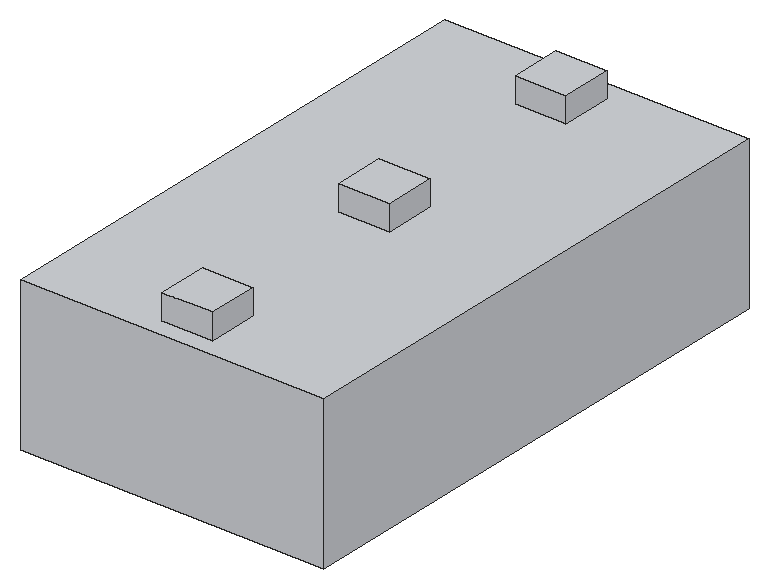
Revit family "3bd33840de9949da80174f5e69066cb2", category Air Terminals, Revit 2021
Family settings
  Round Connector Dimension = Use Diameter
  Part Type = Normal
  OmniClass Number = 23.40.40.14.21.11
  OmniClass Title = Food Service Hoods
  Seek Item ID = Grease Hood - Short Circuit - Island-0000-USA-ENU
  Work Plane-Based = No
  Always vertical = Yes
  Cut with Voids When Loaded = No
  Shared = No
  Room Calculation Point = No
Parameters (values of type "Standard")
  Width 2 [instance] = Supply Air Duct Width 2 / 2 + 0' 3"  # 0' - 7"
  Width 1 [instance] = Supply Air Duct Width 1 / 2 + 0' 3"  # 0' - 7"
  Supply Pressure Drop [instance] = 0.20 in-wg
  Supply Air Flow 2 [instance] = 1200 CFM
  Supply Air Flow 1 [instance] = 1200 CFM
  Supply Air Duct Width 2 [instance] = 8"
  Supply Air Duct Width 1 [instance] = 8"
  Supply Air Duct Height 2 [instance] = 8"
  Supply Air Duct Height 1 [instance] = 8"
  Exhaust Pressure Drop [instance] = 0.55 in-wg
  Hood Width [instance] = 7' - 0"
  Hood Material = none
  Hood Length [instance] = 4' - 0"
  Exhaust Duct Width [instance] = 8"
  Exhaust Duct Height [instance] = 8"
  Exhaust Air Flow [instance] = 2400 CFM
  Default Elevation = 0' - 0"
Reference planes (in)
  plane 1 "Center (Front/Back)": y = 0
  plane 2: z = 0
  plane 3 "Center (Left/Right)": x = 0
  plane 4: x = -24
  plane 5: x = 24
  plane 6: y = 42
  plane 7: y = -42
  plane 8: y = 35
  plane 9: y = -35
  plane 10: x = -4
  plane 11: x = 4
  plane 12: x = -4
  plane 13: x = -4
  plane 14: x = 4
  plane 15: x = 4
  plane 16: y = 39
  plane 17: y = 31
  plane 18: y = 4
  plane 19: y = -31
  plane 20: y = -4
  plane 21: y = -39
  plane 22: z = 24
  plane 23: z = 28
Forms (in)
  Extrusion 1, solid, material <- "Hood Material"
    sketch origin (0, 0, 0) x (1, 0, 0) y (0, 1, 0)
      loop
        line (-24, 42) -> (-24, -42) -> (24, -42) -> (24, 42) -> (-24, 42)
    from 0 to 24
  Extrusion 2, solid, material <- "Hood Material"
    sketch origin (0, 0, 0) x (1, 0, 0) y (0, 1, 0)
      loop
        line (-4, 39) -> (-4, 31) -> (4, 31) -> (4, 39) -> (-4, 39)
      loop
        line (-4, 4) -> (-4, -4) -> (4, -4) -> (4, 4) -> (-4, 4)
      loop
        line (-4, -31) -> (-4, -39) -> (4, -39) -> (4, -31) -> (-4, -31)
    from 24 to 28
Dimensions and locks (in)
  equal spacing: plane 4, plane 3 "Center (Left/Right)", plane 5
  "Hood Length": plane 4 to plane 5
  equal spacing: plane 7, plane 1 "Center (Front/Back)", plane 6
  "Hood Width": plane 7 to plane 6
  "Width 1": plane 6 to plane 8
  "Width 2": plane 7 to plane 9
  equal spacing: plane 10, plane 3 "Center (Left/Right)", plane 11
  "Supply Air Duct Width 1": plane 10 to plane 11
  equal spacing: plane 12, plane 3 "Center (Left/Right)", plane 14
  "Exhaust Duct Width": plane 12 to plane 14
  equal spacing: plane 13, plane 3 "Center (Left/Right)", plane 15
  "Supply Air Duct Width 2": plane 13 to plane 15
  equal spacing: plane 17, plane 8, plane 16
  "Supply Air Duct Height 1": plane 17 to plane 16
  equal spacing: plane 20, plane 1 "Center (Front/Back)", plane 18
  "Exhaust Duct Height": plane 20 to plane 18
  equal spacing: plane 21, plane 9, plane 19
  "Supply Air Duct Height 2": plane 21 to plane 19
  locked: plane 22 to plane 2 at 24
  locked: plane 23 to plane 22 at 4
  aligned and locked: plane 4 to Extrusion 1 sketch curve
  aligned and locked: Extrusion 1 sketch curve to plane 6
  aligned and locked: plane 7 to Extrusion 1 sketch curve
  aligned and locked: plane 5 to Extrusion 1 sketch curve
  aligned and locked: Extrusion 1 to plane 2
  aligned and locked: plane 22 to Extrusion 1
  aligned and locked: plane 10 to Extrusion 2 sketch curve
  aligned and locked: Extrusion 2 sketch curve to plane 16
  aligned and locked: plane 17 to Extrusion 2 sketch curve
  aligned and locked: plane 11 to Extrusion 2 sketch curve
  aligned and locked: plane 12 to Extrusion 2 sketch curve
  aligned and locked: Extrusion 2 sketch curve to plane 18
  aligned and locked: plane 20 to Extrusion 2 sketch curve
  aligned and locked: plane 14 to Extrusion 2 sketch curve
  aligned and locked: plane 13 to Extrusion 2 sketch curve
  aligned and locked: Extrusion 2 sketch curve to plane 19
  aligned and locked: plane 21 to Extrusion 2 sketch curve
  aligned and locked: Extrusion 2 sketch curve to plane 15
  aligned and locked: plane 23 to Extrusion 2
  aligned and locked: Extrusion 2 to plane 22
Connectors (in)
  hvac at (0, 35, 28), driven by "Supply Air Duct Height 1", driven by "Supply Air Duct Width 1", driven by "Supply Air Flow 1", driven by "Supply Pressure Drop"
    settings: on Extrusion 2, index 1, duct flow 1200 CFM, flow factor 0, pres drop 0.20 in-wg, loss coef 0, conn angle 0.00°, conn width 8", conn height 8", conn diameter 24", duct sys type 1, conn prof type 1, flow config 1, flow direction 1, loss method 4, conn ref index -1, conn util no, is conn primary no, conn desc ""
  hvac at (0, 0, 28), driven by "Exhaust Duct Height", driven by "Exhaust Duct Width", driven by "Exhaust Pressure Drop", driven by "Exhaust Air Flow"
    settings: on Extrusion 2, index 2, duct flow 2400 CFM, flow factor 0, pres drop 0.55 in-wg, loss coef 0, conn angle 0.00°, conn width 8", conn height 8", conn diameter 24", duct sys type 3, conn prof type 1, flow config 1, flow direction 2, loss method 4, conn ref index -1, conn util no, is conn primary yes, conn desc ""
  hvac at (0, -35, 28), driven by "Supply Air Duct Height 2", driven by "Supply Air Duct Width 2", driven by "Supply Pressure Drop", driven by "Supply Air Flow 2"
    settings: on Extrusion 2, index 3, duct flow 1200 CFM, flow factor 0, pres drop 0.20 in-wg, loss coef 0, conn angle 0.00°, conn width 8", conn height 8", conn diameter 24", duct sys type 1, conn prof type 1, flow config 1, flow direction 1, loss method 4, conn ref index -1, conn util no, is conn primary no, conn desc ""
